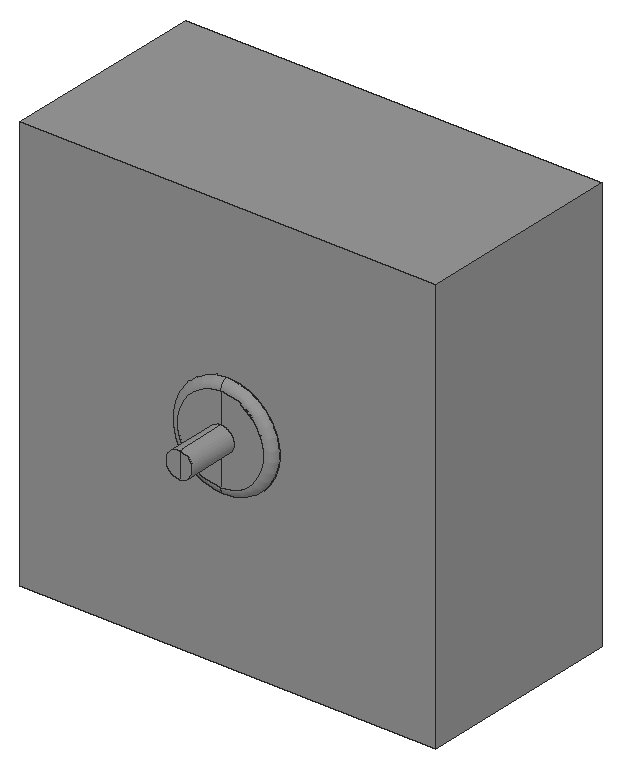
Revit family "Mop_Sink-Willoughby-WMS-242412", category Plumbing Fixtures, Revit 2015
Parameters (values of type "242412")
  Width = 2' - 0"
  Waste DIA = 1 1/2"
  Waste Connection = yes
  Void Height = Height - 0' 0 3/16"  # 0' - 11 13/16"
  Vent Connection = no
  URL = "https://www.willoughby-ind.com/wp-content/uploads/2018/01/WMS-MOP-SINK.pdf"
  Revision = "A"
  Model = "WMS-242412"
  Manufacturer = "Willoughby Industries"
  Height = 1' - 0"
  HW Connection = no
  Fixture Body = Stainless Steel AISI 304-Willoughby
  Drain Depth = Depth / 2  # 1' - 0"
  Description = "Mop Sink, 24\" X 24\" X 12\""
  Depth = 2' - 0"
  Default Elevation = 0' - 0"
  Contact = "(800) 428-4065"
  CW Connection = no
Types (7): name | Width | Void Height | URL | Model | Height | Drain Depth | Description | Depth | Contact
  (no name) | 2' - 0" | 0' - 11 13/16" | "https://www.willoughby-ind.com/wp-content/uploads/2018/01/WMS-MOP-SINK.pdf" | "WMS-242412" | 1' - 0" | 1' - 0" | "Mop Sink, 24\" X 24\" X 12\"" | 2' - 0" | "(800) 428-4065"
  24246 | 2' - 0" | 0' - 5 13/16" | "www.willoughby-ind.com" | "CWMS-24246" | 0' - 6" | 1' - 0" | "Mop Sink" | 2' - 0" | "800-428-4065"
  242412 | 2' - 0" | 0' - 11 13/16" | "https://www.willoughby-ind.com/wp-content/uploads/2018/01/WMS-MOP-SINK.pdf" | "WMS-242412" | 1' - 0" | 1' - 0" | "Mop Sink, 24\" X 24\" X 12\"" | 2' - 0" | "(800) 428-4065"
  32326 | 2' - 8" | 0' - 5 13/16" | "www.willoughby-ind.com" | "CWMS-32326" | 0' - 6" | 1' - 4" | "Mop Sink" | 2' - 8" | "800-428-4065"
  323212 | 2' - 8" | 0' - 11 13/16" | "www.willoughby-ind.com" | "CWMS-323212" | 1' - 0" | 1' - 4" | "Mop Sink" | 2' - 8" | "800-428-4065"
  36366 | 3' - 0" | 0' - 5 13/16" | "www.willoughby-ind.com" | "CWMS-36366" | 0' - 6" | 1' - 6" | "Mop Sink" | 3' - 0" | "800-428-4065"
  363612 | 3' - 0" | 0' - 11 13/16" | "www.willoughby-ind.com" | "CWMS-363612" | 1' - 0" | 1' - 6" | "Mop Sink" | 3' - 0" | "800-428-4065"
Reference planes (in)
  plane 1 "Center (Front/Back) Floor Level": y = 0
  plane 2: z = 0
  plane 3 "Center (Left/Right)": x = 0
  plane 4 "Left Side": x = -12
  plane 5 "Right Side": x = 12
  plane 6 "Top Of Sink": y = 34
  plane 7 "Bottom Of Sink": y = 22
  plane 8 "Front of sink": z = 24
  plane 9 "Drain": z = 12
Forms (in)
  Extrusion 1, solid, material "Stainless Steel AISI 304-Willoughby" <- "Fixture Body"
    sketch origin (0, 0, 0) x (1, 0, 0) y (0, 0, 1)
      loop
        line (12, 0) -> (12, 24) -> (-12, 24) -> (-12, 0) -> (12, 0)
    from -34 to -22
  Extrusion 2, void
    sketch origin (0, 34, 0) x (-1, 0, 0) y (0, 0, 1)
      loop
        line (-10, 2) -> (10, 2) -> (10, 22) -> (-10, 22) -> (-10, 2)
    from 0 to -11.8125
  Revolve 3, solid, material "Stainless Steel AISI 304-Willoughby" <- "Fixture Body", detail levels fine
    sketch origin (0, 0, 0) x (0, 1, 0) y (0, 0, 1)
      loop
        line (22, 12) -> (22.22858, 12) -> (22.22858, 15) -> (22, 15)
        arc (22, 15) -> (21.64645, 14.85355) -> (21.5, 14.5) r 0.5
        line (21.5, 14.5) -> (21.5, 12.75) -> (18.5, 12.75) -> (18.5, 12) -> (22, 12)
      axis (22.22858, 12) -> (18.5, 12)
    angle from 0 to 360
Cuts and joins
  Extrusion 2 cuts Extrusion 1
Lines and regions (in)
  symbolic lines
    curve 1: line (12, 22, 0) -> (-12, 22, 0)
    curve 2: line (-12, 22, 0) -> (-12, 34, 0)
    curve 3: line (-12, 34, 0) -> (12, 34, 0)
    curve 10: line (-12, 34, 24) -> (-12, 34, 0)
    curve 11: line (-12, 34, 0) -> (12, 34, 0)
    curve 12: line (12, 34, 0) -> (12, 34, 24)
    curve 13: line (12, 34, 24) -> (-12, 34, 24)
    curve 20: line (0, 34, 24) -> (0, 22, 24)
    curve 21: line (0, 22, 24) -> (0, 22, 0)
    curve 22: line (0, 22, 0) -> (0, 34, 0)
    curve 23: line (0, 34, 0) -> (0, 34, 24)
    curve 24: arc (0, 22, 15) -> (0, 21.65043, 14.8552) -> (0, 21.50563, 14.50563) r 0.49437
    curve 25: line (0, 21.50563, 14.50563) -> (0, 21.50563, 9.45539)
    curve 26: arc (0, 21.50563, 9.45539) -> (0, 21.66219, 9.1277) -> (0, 22, 8.99438) r 0.49627
    curve 27: line (0, 18.5, 11.25) -> (0, 21.50563, 11.25)
    curve 28: line (0, 18.5, 11.25) -> (0, 18.5, 12.75)
    curve 29: line (0, 18.5, 12.75) -> (0, 21.50563, 12.75)
    curve 30: line (12, 34, 0) -> (12, 22, 0)
  symbolic lines, detail levels medium+fine
    curve 4: arc (3, 22, 0) -> (2.85244, 21.64376, 0) -> (2.4962, 21.4962, 0) r 0.5038
    curve 5: line (2.4962, 21.4962, 0) -> (-2.52648, 21.4962, 0)
    curve 6: arc (-2.52648, 21.4962, 0) -> (-2.87091, 21.64596, 0) -> (-2.99628, 22, 0) r 0.47095
    curve 7: line (0.75, 21.4962, 0) -> (0.75, 18.5, 0)
    curve 8: line (0.75, 18.5, 0) -> (-0.75, 18.5, 0)
    curve 9: line (-0.75, 18.5, 0) -> (-0.75, 21.4962, 0)
    curve 14: line (-10, 34, 22) -> (-10, 34, 2)
    curve 15: line (-10, 34, 2) -> (10, 34, 2)
    curve 16: line (10, 34, 2) -> (10, 34, 22)
    curve 17: line (10, 34, 22) -> (-10, 34, 22)
  symbolic lines, detail levels fine
    curve 18: circle (0, 34, 12) r 0.75 normal (0, 1, 0)
    curve 19: circle (0, 34, 12) r 3 normal (0, 1, 0)
Dimensions and locks (in)
  equal spacing: plane 4 "Left Side", plane 3 "Center (Left/Right)", plane 5 "Right Side"
  "Width": plane 4 "Left Side" to plane 5 "Right Side"
  "Height": plane 6 "Top Of Sink" to plane 7 "Bottom Of Sink"  (x2)
  "Void Height": cut or joined group of Extrusion 1, Extrusion 2 to cut or joined group of Extrusion 1, Extrusion 2
  locked: cut or joined group of Extrusion 1, Extrusion 2 to cut or joined group of Extrusion 1, Extrusion 2 at 2  (x3)
  aligned and locked: plane 4 "Left Side" to Extrusion 1
  aligned and locked: plane 8 "Front of sink" to Extrusion 1
  aligned and locked: Extrusion 1 to plane 5 "Right Side"
  aligned and locked: Extrusion 1 to level
  aligned and locked: plane 6 "Top Of Sink" to Extrusion 1
  aligned and locked: Extrusion 1 to plane 7 "Bottom Of Sink"
  aligned and locked: plane 6 "Top Of Sink" to Extrusion 2
  aligned and locked: Revolve 3 sketch curve to Revolve 3 sketch curve  (x2)
Automatic sketch dimensions
  Extrusion 1 sketch curve to level = 0' - 0"
  plane 4 "Left Side" to Extrusion 1 sketch curve = 0' - 0"
  plane 5 "Right Side" to Extrusion 1 sketch curve = 0' - 0"
  Extrusion 1 sketch curve to plane 8 "Front of sink" = 0' - 0"
  plane 5 "Right Side" to Extrusion 2 sketch curve = 0' - 2"
  Extrusion 2 sketch curve to plane 4 "Left Side" = 0' - 2"
  level to Extrusion 2 sketch curve = 0' - 2"
  Extrusion 2 sketch curve to plane 8 "Front of sink" = 0' - 2"
  Revolve 3 sketch curve to plane 9 "Drain" = 0' - 0"
  Revolve 3 sketch curve to plane 7 "Bottom Of Sink" = 0' - 0"  (x2)
  Revolve 3 sketch curve to plane 7 "Bottom Of Sink" = 0' - 0 1/2"
  Revolve 3 sketch curve to Revolve 3 sketch curve = 0' - 3"
  plane 7 "Bottom Of Sink" to Revolve 3 sketch curve = 0' - 0.22858"
  plane 9 "Drain" to Revolve 3 sketch curve = 0' - 0 3/4"
  Revolve 3 sketch curve to Revolve 3 sketch curve = 0' - 1 3/4"
  Revolve 3 sketch curve to Revolve 3 sketch curve = 0' - 0.02142"
  curve 18 to curve 19 = 0' - 0"  (x2)
  plane 5 "Right Side" to curve 12 = 0' - 0"
  curve 18 to plane 3 "Center (Left/Right)" = 0' - 0"
  curve 11 to level = 0' - 0"
  plane 4 "Left Side" to curve 11 = 0' - 0"
  curve 18 to plane 9 "Drain" = 0' - 0"
  curve 13 to plane 8 "Front of sink" = 0' - 0"
  plane 5 "Right Side" to curve 15 = 0' - 2"
  curve 17 to plane 4 "Left Side" = 0' - 2"
  level to curve 14 = 0' - 2"
  curve 17 to plane 8 "Front of sink" = 0' - 2"
  curve 24 to plane 7 "Bottom Of Sink" = 0' - 0"
  curve 23 to plane 6 "Top Of Sink" = 0' - 0"
  curve 23 to level = 0' - 0"
  curve 21 to plane 8 "Front of sink" = 0' - 0"
  curve 27 to plane 9 "Drain" = 0' - 0 3/4"
  curve 27 to curve 27 = 0' - 3.00563"
  plane 7 "Bottom Of Sink" to curve 26 = 0' - 0.00064"
  curve 25 to curve 27 = 0' - 1.79461"
  curve 26 to curve 26 = 0' - 0.03526"
  plane 9 "Drain" to curve 24 = 0' - 2.50563"
  curve 29 to plane 7 "Bottom Of Sink" = 0' - 0.49437"
  plane 9 "Drain" to curve 29 = 0' - 0 3/4"
  curve 1 to plane 4 "Left Side" = 0' - 0"
  curve 6 to plane 7 "Bottom Of Sink" = 0' - 0"
  curve 3 to plane 5 "Right Side" = 0' - 0"
  curve 30 to plane 6 "Top Of Sink" = 0' - 0"
  curve 6 to plane 7 "Bottom Of Sink" = 0' - 0.03285"
  curve 6 to plane 3 "Center (Left/Right)" = 0' - 2.52648"
  curve 9 to plane 3 "Center (Left/Right)" = 0' - 0 3/4"
  plane 3 "Center (Left/Right)" to curve 8 = 0' - 0 3/4"
  curve 7 to curve 4 = 0' - 1.7462"
  curve 5 to curve 4 = 0' - 0.5038"
  curve 8 to curve 7 = 0' - 2.9962"
  radius of curve 18 = 0' - 0 3/4"
  radius of curve 19 = 0' - 3"
Connectors (in)
  piping at (0, 18.5, 12), diameter 1.5, driven by "Waste DIA", driven by "Waste Connection"
    settings: on Revolve 3, index 1, connector inside diameter 24", connector length 0' - 0", flow factor 0, pipe flow 0 GPM, pressure drop 0.00 psi, fitting loss kfactor 0, connector angle 0.00°, fixture units 0, engagement length 0' - 0", angle of deflection 0.00°, flow configuration 0, flow direction 2, fitting loss method 0, system type 16, joint type 0, gender type 0, connector reference index -1, connector utility 1, adjustable connector no, is connector primary yes, connector description "Sink Waste"
